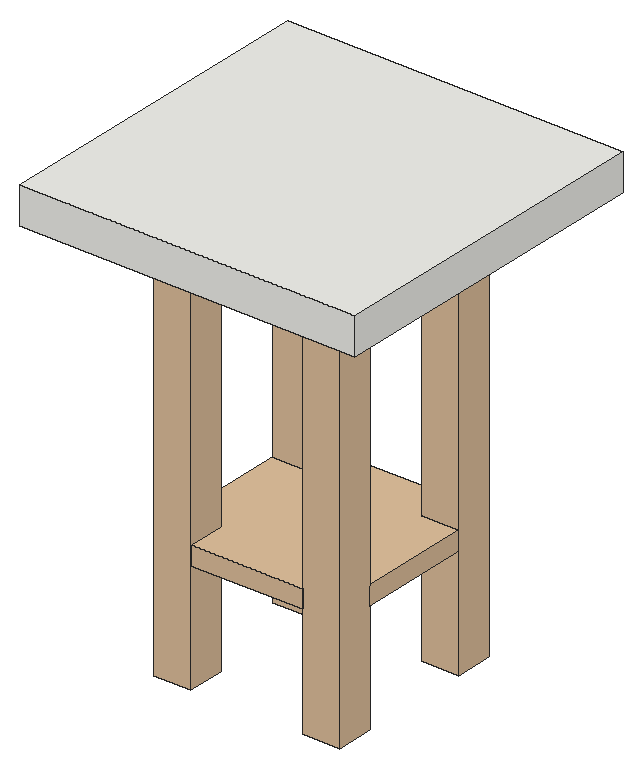
Revit family "Table-Night Stand", category Furniture, Revit 2018
Family settings
  OmniClass Number = 23.40.20.14.17
  OmniClass Title = Residential Tables and Cabinets
  Work Plane-Based = No
  Always vertical = Yes
  Cut with Voids When Loaded = No
  Shared = Yes
  Room Calculation Point = No
Parameters (values of type "18" x 18" x 24"")
  Assembly Code = "E2020200"
  Base Material = Birch
  Depth = 1' - 6"
  Height = 2' - 0"
  Top Material = Laminate, Ivory, Matte
  Width = 1' - 6"
Types (3): name | Depth | Height | Width
  (no name) | 1' - 6" | 2' - 0" | 1' - 6"
  24" x 24" x 30" | 2' - 0" | 2' - 6" | 2' - 0"
  18" x 18" x 24" | 1' - 6" | 2' - 0" | 1' - 6"
Reference planes (in)
  plane 1: y = 0
  plane 2: z = 0
  plane 3: x = 0.14699
  plane 4: x = 18.14699
  plane 5: y = 18
  plane 6: y = 9
  plane 7: x = 9.14699
  plane 8: z = 24
  plane 9: z = 22
Forms (in)
  Extrusion 1, solid, material "Laminate, Ivory, Matte" <- "Top Material"
    sketch origin (0, 0, 0) x (1, 0, 0) y (0, 1, 0)
      loop
        line (0.14699, 0) -> (18.14699, 0) -> (18.14699, 18) -> (0.14699, 18) -> (0.14699, 0)
    from 22 to 24
  Extrusion 2, solid, material "Birch" <- "Base Material"
    sketch origin (0, 0, 0) x (1, 0, 0) y (0, 1, 0)
      loop
        line (4.14699, 14) -> (4.14699, 12) -> (6.14699, 12) -> (6.14699, 14) -> (4.14699, 14)
      loop
        line (4.14699, 6) -> (4.14699, 4) -> (6.14699, 4) -> (6.14699, 6) -> (4.14699, 6)
      loop
        line (12.14699, 14) -> (12.14699, 12) -> (14.14699, 12) -> (14.14699, 14) -> (12.14699, 14)
      loop
        line (12.14699, 6) -> (12.14699, 4) -> (14.14699, 4) -> (14.14699, 6) -> (12.14699, 6)
    from 0 to 22
  Extrusion 3, solid, material "Birch" <- "Base Material"
    sketch origin (0, 0, 0) x (1, 0, 0) y (0, 1, 0)
      loop
        line (12.14699, 14) -> (6.14699, 14) -> (6.14699, 12) -> (4.14699, 12) -> (4.14699, 6) -> (6.14699, 6) -> (6.14699, 4) -> (12.14699, 4) -> (12.14699, 6) -> (14.14699, 6) -> (14.14699, 12) -> (12.14699, 12) -> (12.14699, 14)
    from 6 to 7
Lines and regions (in)
  Masking region 1
    outline origin (0, 0, 0) x (1, 0, 0) y (0, 1, 0)
      loop
        line (0.14699, 18) -> (0.14699, 0) -> (18.14699, 0) -> (18.14699, 18) -> (0.14699, 18)
Dimensions and locks (in)
  locked: Extrusion 1 to Extrusion 1 at 2
  locked: Extrusion 1 to Extrusion 2 sketch curve at 4  (x4)
  locked: Extrusion 2 sketch curve to Extrusion 1 at 4  (x4)
  locked: Extrusion 2 sketch curve to Extrusion 2 sketch curve at 2  (x8)
  "Width": plane 3 to plane 4
  "Depth": plane 5 to plane 1
  equal spacing: plane 3, plane 7, plane 4
  equal spacing: plane 5, plane 6, plane 1
  "Height": plane 8 to plane 2
  locked: plane 8 to plane 9 at 2
  aligned and locked: plane 1 to Extrusion 1 sketch curve
  aligned and locked: level to plane 2
  aligned and locked: Extrusion 3 sketch curve to Extrusion 2  (x3)
  aligned and locked: Extrusion 2 to Extrusion 3 sketch curve  (x2)
  aligned and locked: plane 8 to Extrusion 1
  aligned and locked: plane 9 to Extrusion 2
  aligned and locked: plane 4 to Masking region 1 sketch curve
  aligned and locked: Masking region 1 sketch curve to plane 5
  aligned and locked: plane 3 to Masking region 1 sketch curve
  aligned and locked: Masking region 1 sketch curve to plane 1
Automatic sketch dimensions
  Extrusion 1 sketch curve to plane 3 = 0' - 0"
  plane 3 to Extrusion 3 sketch curve = 0' - 4"
  Extrusion 3 sketch curve to Extrusion 3 sketch curve = 0' - 2"  (x4)
  Extrusion 3 sketch curve to plane 1 = 0' - 4"
  plane 4 to Extrusion 3 sketch curve = 0' - 6"
  Extrusion 1 sketch curve to plane 4 = 0' - 0"
  Extrusion 1 sketch curve to plane 5 = 0' - 0"
